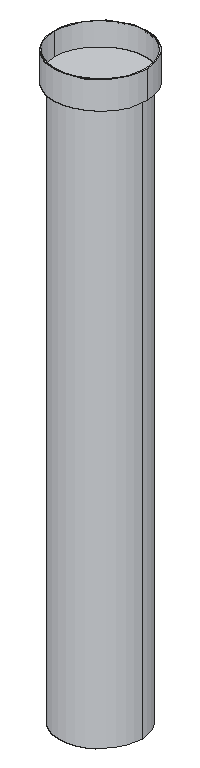
Revit family
Reference planes (in)
  plane 1 "Center (Front/Back)": y = 0
  plane 2: z = 0
  plane 3 "Center (Left/Right)": x = 0
Forms (in)
  Extrusion 1, solid
    sketch origin (0, 0, 0) x (1, 0, 0) y (0, 1, 0)
      loop
        circle (0.0136, -0.05644) r 9.66
    from -0.28534 to 5.5
  Extrusion 2, solid
    sketch origin (0, 0, 0) x (1, 0, 0) y (0, 1, 0)
      loop
        circle (0, 0) r 8.6
    from 0 to -117.6
  Extrusion 3, void
    sketch origin (0, 0, 5.5) x (0, 1, 0) y (1, 0, 0)
      loop
        circle (-0.05644, 0.0136) r 9.5
    from 0 to 4.69922
Cuts and joins
  Extrusion 3 cuts Extrusion 1
  Extrusion 3 cuts Extrusion 2
Dimensions and locks (in)
  aligned and locked: level to plane 2
Connectors (in)
  piping at (0, 0, -117.6)
    settings: on cut or joined group of Extrusion 2, Extrusion 3, index 2, connector radius 8 113/256", flow factor 0, pipe flow 0 GPM, pressure drop 0.00 psi, fitting loss kfactor 0, connector angle 0.00°, fixture units 0, flow configuration 0, flow direction 0, fitting loss method 0, system type 19, connector reference index -1, connector utility 0, adjustable connector no, is connector primary yes, fitting loss table "", connector description ""
  piping at (0.0136, -0.05644, 0.80078)
    settings: on cut or joined group of Extrusion 1, Extrusion 3, index 3, connector radius 9 1/2", flow factor 0, pipe flow 0 GPM, pressure drop 0.00 psi, fitting loss kfactor 0, connector angle 0.00°, fixture units 0, flow configuration 0, flow direction 0, fitting loss method 0, system type 19, connector reference index -1, connector utility 0, adjustable connector no, is connector primary no, fitting loss table "", connector description ""
